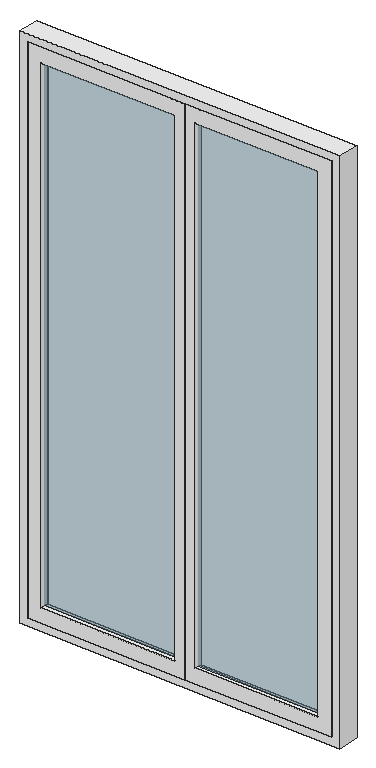
Revit family
Parameters (values of type "16 X 26")
  Assembly Code = ""
  Cost = 150000
  Top Rail = 50 mm
  Stile = 50 mm
  Shutter = 합성수지
  Panel = Glass (2)
  Height = 2510 mm
  Frame Width = 50 mm
  Frame Depth = 100 mm
  Frame = 합성수지
  Default Sill Height = 0 mm
  Wall Closure = (empty or 0)
  Width = 1510 mm
  Bottom Rail = 50 mm
Types (2, lengths in mm): name | Width
  21 X 26 | 2010
  16 X 26 | 1510
Reference planes
  plane 1: y = 5
  plane 2 "Center (Left/Right)": x = 0
  plane 3 "Left": x = -755
  plane 4 "Right": x = 755
  plane 5 "Sill": z = 0
  plane 6 "Head": z = 2510
  plane 7 "Exterior": y = 80
  plane 8 "Interior": y = -70
  plane 9: x = -705
  plane 10: x = 705
  plane 11: y = 55
  plane 12: y = -45
  plane 13: z = 2460
  plane 14: z = 50
  plane 15: x = -655
  plane 16: x = 655
  plane 17: z = 2410
  plane 18: z = 100
  plane 19: x = -50
  plane 20: x = 50
  plane 21: z = 1255
Forms (mm)
  Sweep 1, solid, material "합성수지" <- "Frame"
    path origin (0, 5.744, -44.994) x (1, 0, 0) y (0, 0, 1)
      loop
        line (-600, 200) -> (600, 200) -> (600, 2400) -> (-600, 2400) -> (-600, 200)
    profile origin (0, 0, 1255.006) x (-1, 0, 0) y (0, -1, 0)
      loop
        line (755, 44.256) -> (720, 44.256) -> (720, 9.256) -> (705, 9.256) -> (705, -55.744) -> (755, -55.744) -> (755, 44.256)
  Extrusion 2, solid, material "합성수지" <- "Shutter"
    sketch origin (0, -45, 0) x (1, 0, 0) y (0, 0, 1)
      loop
        line (25.892, 35) -> (25.892, 2475.006) -> (-720, 2475.006) -> (-720, 35) -> (25.892, 35)
      loop
        line (-655, 2410) -> (-655, 100) -> (-22.116, 100) -> (-22.116, 2410) -> (-655, 2410)
    from 0 to -35
  Extrusion 3, solid, material "Glass (2)" <- "Panel"
    sketch origin (0, 0, 100) x (0, -1, 0) y (-1, 0, 0)
      loop
        line (25.5, 14.277) -> (29.5, 14.277) -> (29.5, 655) -> (25.5, 655) -> (25.5, 14.277)
      loop
        line (25.5, -73.505) -> (25.5, -655) -> (29.5, -655) -> (29.5, -73.505) -> (25.5, -73.505)
    from 0 to -2310
  Extrusion 4, solid, material "합성수지" <- "Shutter"
    sketch origin (0, -45, 0) x (-1, 0, 0) y (0, 0, -1)
      loop
        line (-25.892, -35) -> (-720, -35) -> (-720, -2475.006) -> (-25.892, -2475.006) -> (-25.892, -35)
      loop
        line (-655, -2410) -> (-73.505, -2410) -> (-73.505, -100) -> (-655, -100) -> (-655, -2410)
    from 0 to -35
Lines and regions (mm)
  Opening 1
    outline origin (3500, -70, 0) x (1, 0, 0) y (0, 0, 1)
      loop
        line (-2745, 0) -> (-2745, 2510) -> (-4255, 2510) -> (-4255, 0) -> (-2745, 0)
  symbolic lines, style "WindowsFrameMullionProjection", detail levels medium+fine
    curve 1: line (-755, 55.744, 0) -> (-705, 55.744, 0)
    curve 2: line (-705, 55.744, 0) -> (-705, -15, 0)
    curve 3: line (-720, -15, 0) -> (-705, -15, 0)
    curve 4: line (-720, -15, 0) -> (-720, -45, 0)
    curve 5: line (-755, -45, 0) -> (-720, -45, 0)
    curve 6: line (755, 55.744, 0) -> (705, 55.744, 0)
    curve 7: line (705, 55.744, 0) -> (705, -14.256, 0)
    curve 8: line (705, -9.256, 0) -> (720, -9.256, 0)
    curve 9: line (720, -9.256, 0) -> (720, -44.256, 0)
    curve 10: line (720, -44.256, 0) -> (755, -44.256, 0)
    curve 11: line (755, -44.256, 0) -> (755, 55.744, 0)
    curve 13: line (-755, 55.744, 0) -> (-755, -45, 0)
  symbolic lines, style "Plan Swing"
    curve 12: line (-720, -45, 0) -> (720, -44.256, 0)
  symbolic lines, style "WindowsFrameMullionProjection", detail levels coarse
    curve 14: line (-720, -45, 0) -> (-755, -45, 0)
    curve 15: line (-720, 55.744, 0) -> (-720, -45, 0)
    curve 16: line (-755, 55.744, 0) -> (-720, 55.744, 0)
    curve 17: line (-755, -45, 0) -> (-755, 55.744, 0)
    curve 18: line (720, -44.256, 0) -> (755, -44.256, 0)
    curve 19: line (720, 55.744, 0) -> (720, -44.256, 0)
    curve 20: line (755, 55.744, 0) -> (720, 55.744, 0)
    curve 21: line (755, -44.256, 0) -> (755, 55.744, 0)
  symbolic lines, style "Elevation Swing Coarse", detail levels coarse
    curve 22: line (705, 0, 1255) -> (0, 0, 1655)
    curve 23: line (705, 0, 1255) -> (0, 0, 745)
    curve 24: line (0, 0, 1655) -> (-705, 0, 1255)
    curve 25: line (0, 0, 745) -> (-705, 0, 1255)
  symbolic lines, style "Plan Swing", detail levels coarse
    curve 26: line (-720, -9.256, 0) -> (720, -9.256, 0)
  symbolic lines, style "Elevation Swing Medium", detail levels medium
    curve 27: line (705, 0, 1255) -> (0, 0, 1655)
    curve 28: line (705, 0, 1255) -> (0, 0, 745)
    curve 29: line (0, 0, 1655) -> (-705, 0, 1255)
    curve 30: line (0, 0, 745) -> (-705, 0, 1255)
  symbolic lines, style "Elevation Swing Fine", detail levels fine
    curve 31: line (705, 0, 1255) -> (0, 0, 1655)
    curve 32: line (705, 0, 1255) -> (0, 0, 745)
    curve 33: line (0, 0, 1655) -> (-705, 0, 1255)
    curve 34: line (0, 0, 745) -> (-705, 0, 1255)
Text (mm)
  text "EXTERIOR" at (-1963.203, 1332.353, 0), in view "Ref. Level"
  text "INTERIOR" at (-1981.466, -818.386, 0), in view "Ref. Level"
  text "Exterior" at (0, 923.751, 2943.296), in view "Right"
  text "Exterior" at (0, 1040.484, 2685.409), in view "Left"
Dimensions and locks
  equal spacing: plane 3 "Left", plane 2 "Center (Left/Right)", plane 4 "Right"
  "Width": plane 3 "Left" to plane 4 "Right"
  "Height": plane 5 "Sill" to plane 6 "Head"
  "Default Sill Height": plane 5 "Sill" to level
  locked: plane 7 "Exterior" to host wall at 0
  locked: plane 8 "Interior" to host wall
  locked: Sweep 1 sketch curve to Sweep 1 sketch curve at 15
  locked: Sweep 1 sketch curve to Sweep 1 sketch curve at 35
  "Frame Width": plane 3 "Left" to plane 9
  "Frame Width": plane 10 to plane 4 "Right"
  equal spacing: plane 12, plane 1, plane 11
  "Frame Depth": plane 12 to plane 11
  "Frame Width": plane 6 "Head" to plane 13
  "Frame Width": plane 14 to plane 5 "Sill"
  "Stile": plane 15 to plane 9
  "Stile": plane 10 to plane 16
  "Stile": plane 2 "Center (Left/Right)" to plane 19
  "Stile": plane 20 to plane 2 "Center (Left/Right)"
  "Top Rail": plane 13 to plane 17
  "Bottom Rail": plane 18 to plane 14
  equal spacing: plane 6 "Head", plane 21, plane 5 "Sill"
  equal spacing: plane 8 "Interior", plane 1, plane 7 "Exterior"
  aligned and locked: Sweep 1 sketch curve to plane 3 "Left"
  aligned and locked: plane 9 to Sweep 1 sketch curve
  aligned and locked: plane 15 to Extrusion 2 sketch curve
  aligned and locked: plane 17 to Extrusion 2 sketch curve
  aligned and locked: plane 18 to Extrusion 2 sketch curve
  aligned and locked: curve 1 to Sweep 1  (x2)
  aligned and locked: curve 2 to Sweep 1
  aligned and locked: curve 3 to Sweep 1
  aligned and locked: Sweep 1 to curve 5
  aligned and locked: Sweep 1 to curve 6
  aligned and locked: curve 7 to Sweep 1
  aligned and locked: curve 7 to curve 8
  aligned and locked: Sweep 1 to curve 8
  aligned and locked: Sweep 1 to curve 9
  aligned and locked: curve 13 to curve 1
  aligned and locked: curve 13 to curve 5
  aligned and locked: plane 3 "Left" to curve 13
  aligned and locked: curve 21 to Sweep 1  (x2)
  aligned and locked: curve 26 to Sweep 1
  aligned: Extrusion 4 to Sweep 1
Automatic sketch dimensions
  plane 10 to curve 8 = 15 mm
  curve 3 to curve 26 = 5.744 mm
  curve 7 to curve 8 = 5 mm
  curve 29 to plane 2 "Center (Left/Right)" = 0 mm
  curve 24 to plane 9 = 0 mm
  curve 24 to plane 21 = 0 mm
  curve 27 to plane 10 = 0 mm
  curve 27 to plane 21 = 0 mm
  curve 32 to plane 2 "Center (Left/Right)" = 0 mm
  curve 33 to plane 21 = 400 mm
  plane 21 to curve 32 = 510 mm
  Opening 1 sketch curve to level = 0 mm
  Opening 1 sketch curve to plane 3 "Left" = 0 mm
  Opening 1 sketch curve to plane 4 "Right" = 0 mm
  Opening 1 sketch curve to plane 6 "Head" = 0 mm
  plane 15 to Sweep 1 sketch curve = 55 mm
  Sweep 1 sketch curve to plane 16 = 55 mm
  Sweep 1 sketch curve to plane 18 = 55.006 mm
  plane 17 to Sweep 1 sketch curve = 54.994 mm
  Sweep 1 sketch curve to Sweep 1 sketch curve = 65 mm
  plane 2 "Center (Left/Right)" to Extrusion 2 sketch curve = 25.892 mm
  Extrusion 2 sketch curve to plane 9 = 15 mm
  plane 14 to Extrusion 2 sketch curve = 15 mm
  Extrusion 2 sketch curve to plane 13 = 15.006 mm
  plane 19 to Extrusion 3 sketch curve = 35.723 mm
  plane 20 to Extrusion 3 sketch curve = 23.505 mm
  Extrusion 3 sketch curve to plane 16 = 0 mm
  Extrusion 3 sketch curve to plane 12 = 19.5 mm  (x2)
  Extrusion 3 sketch curve to Extrusion 3 sketch curve = 4 mm  (x2)
  Extrusion 4 sketch curve to plane 16 = 0 mm
  Extrusion 4 sketch curve to plane 17 = 0 mm
  plane 20 to Extrusion 4 sketch curve = 23.505 mm
  plane 2 "Center (Left/Right)" to Extrusion 4 sketch curve = 25.892 mm
  Extrusion 4 sketch curve to plane 18 = 0 mm
  plane 10 to Extrusion 4 sketch curve = 15 mm
  Extrusion 4 sketch curve to plane 13 = 15.006 mm
  plane 14 to Extrusion 4 sketch curve = 15 mm
  curve 12 to plane 12 = 0 mm
  plane 19 to Extrusion 2 sketch curve = 27.884 mm
